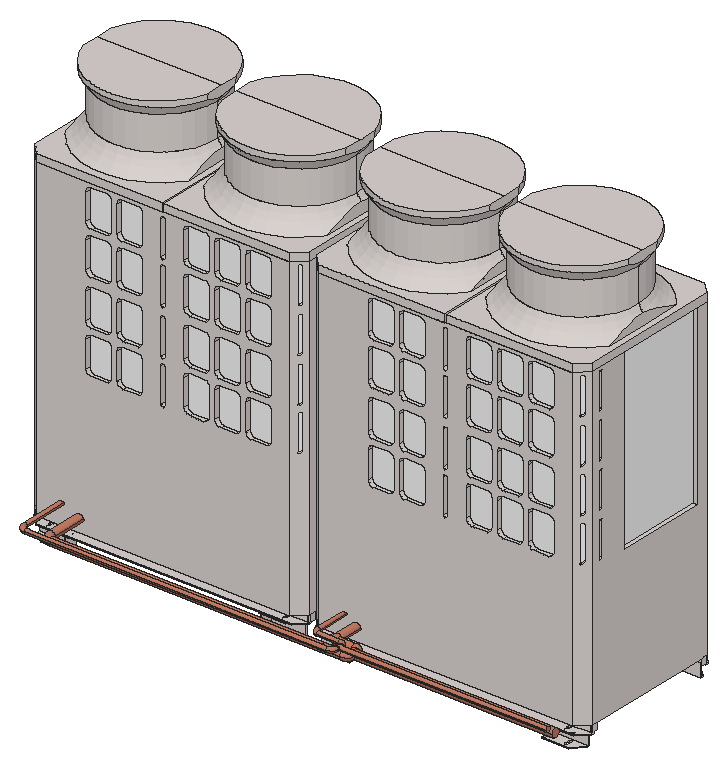
Revit family "PUHY-P800YSNW-A1", category Mechanical Equipment, Revit 2016 (continued)
Definition of nested family "PUHY-P350YNW-A1"
  Lines and regions (mm)
    model lines
      curve 51: line (-620, 215.7, 1521) -> (-620, 215.7, 705)
      curve 52: line (-620, 235.7, 705) -> (-620, -162.3, 705)
      curve 53: line (-620, 176.7, 268) -> (-620, -103.3, 268)
      curve 54: line (-620, -103.3, 248) -> (-620, 176.7, 248)
      curve 55: arc (-620, 186.7, 258) -> (-620, 183.771, 265.071) -> (-620, 176.7, 268) r 10
      curve 56: arc (-620, 176.7, 248) -> (-620, 183.771, 250.929) -> (-620, 186.7, 258) r 10
      curve 57: arc (-620, -103.3, 268) -> (-620, -110.371, 265.071) -> (-620, -113.3, 258) r 10
      curve 58: arc (-620, -113.3, 258) -> (-620, -110.371, 250.929) -> (-620, -103.3, 248) r 10
      curve 59: line (-620, 176.7, 373) -> (-620, -103.3, 373)
      curve 60: line (-620, -103.3, 353) -> (-620, 176.7, 353)
      curve 61: arc (-620, 186.7, 363) -> (-620, 183.771, 370.071) -> (-620, 176.7, 373) r 10
      curve 62: arc (-620, 176.7, 353) -> (-620, 183.771, 355.929) -> (-620, 186.7, 363) r 10
      curve 63: arc (-620, -103.3, 373) -> (-620, -110.371, 370.071) -> (-620, -113.3, 363) r 10
      curve 64: arc (-620, -113.3, 363) -> (-620, -110.371, 355.929) -> (-620, -103.3, 353) r 10
      curve 65: line (-620, 176.7, 478) -> (-620, -103.3, 478)
      curve 66: line (-620, -103.3, 458) -> (-620, 176.7, 458)
      curve 67: arc (-620, 186.7, 468) -> (-620, 183.771, 475.071) -> (-620, 176.7, 478) r 10
      curve 68: arc (-620, 176.7, 458) -> (-620, 183.771, 460.929) -> (-620, 186.7, 468) r 10
      curve 69: arc (-620, -103.3, 478) -> (-620, -110.371, 475.071) -> (-620, -113.3, 468) r 10
      curve 70: arc (-620, -113.3, 468) -> (-620, -110.371, 460.929) -> (-620, -103.3, 458) r 10
      curve 71: line (-620, 176.7, 583) -> (-620, -103.3, 583)
      curve 72: line (-620, -103.3, 563) -> (-620, 176.7, 563)
      curve 73: arc (-620, 186.7, 573) -> (-620, 183.771, 580.071) -> (-620, 176.7, 583) r 10
      curve 74: arc (-620, 176.7, 563) -> (-620, 183.771, 565.929) -> (-620, 186.7, 573) r 10
      curve 75: arc (-620, -103.3, 583) -> (-620, -110.371, 580.071) -> (-620, -113.3, 573) r 10
      curve 76: arc (-620, -113.3, 573) -> (-620, -110.371, 565.929) -> (-620, -103.3, 563) r 10
      curve 77: line (-544, 370, 1521) -> (-544, 370, 95)
      curve 78: line (489, 370, 649) -> (30, 370, 649)
      curve 79: line (-30.5, 370, 649) -> (-544, 370, 649)
      curve 80: line (-147.25, 370, 584) -> (-427.25, 370, 584)
      curve 81: line (-427.25, 370, 564) -> (-147.25, 370, 564)
      curve 82: arc (-137.25, 370, 574) -> (-140.179, 370, 581.071) -> (-147.25, 370, 584) r 10
      curve 83: arc (-147.25, 370, 564) -> (-140.179, 370, 566.929) -> (-137.25, 370, 574) r 10
      curve 84: arc (-427.25, 370, 584) -> (-434.321, 370, 581.071) -> (-437.25, 370, 574) r 10
      curve 85: arc (-437.25, 370, 574) -> (-434.321, 370, 566.929) -> (-427.25, 370, 564) r 10
      curve 86: circle (448, -185, 1521) r 15 normal (0, 0, 1)
      curve 87: circle (468, -185, 95) r 26 normal (0, 0, 1)
      curve 88: circle (448, -260, 95) r 32.5 normal (0, 0, 1)
      curve 89: circle (404, -204, 95) r 17 normal (0, 0, 1)
      curve 90: line (-550, -370, 1521) -> (-550, -370, 95)
      curve 91: line (-550, -370, 716) -> (-30, -370, 716)
      curve 92: line (550, -370, 95) -> (550, -370, 1521)
      curve 93: line (30, -370, 716) -> (550, -370, 716)
      curve 94: line (-30.5, 370, 1521) -> (-30.5, 370, 95)
      curve 95: line (30, 370, 1521) -> (30, 370, 95)
      curve 96: line (489, 370, 1521) -> (489, 370, 95)
      curve 97: line (467, 370, 669) -> (467, 370, 649)
      curve 98: line (-352, -370, 223) -> (-550, -370, 223)
      curve 99: line (-342, -370, 213) -> (-342, -370, 95)
      curve 100: arc (-342, -370, 213) -> (-344.929, -370, 220.071) -> (-352, -370, 223) r 10
      curve 101: circle (488, -370, 160) r 32.5 normal (0, -1, 0)
      curve 102: circle (488, -370, 160) r 20 normal (0, -1, 0)
      curve 103: circle (364, -370, 150) r 17 normal (0, -1, 0)
      curve 104: circle (413, -370, 185) r 26 normal (0, -1, 0)
      curve 105: circle (413, -370, 185) r 13.5 normal (0, -1, 0)
      curve 106: line (352, -370, 223) -> (550, -370, 223)
      curve 107: line (342, -370, 213) -> (342, -370, 95)
      curve 108: arc (342, -370, 213) -> (344.929, -370, 220.071) -> (352, -370, 223) r 10
      curve 109: line (-147.25, 370, 479) -> (-427.25, 370, 479)
      curve 110: line (-427.25, 370, 459) -> (-147.25, 370, 459)
      curve 111: arc (-137.25, 370, 469) -> (-140.179, 370, 476.071) -> (-147.25, 370, 479) r 10
      curve 112: arc (-147.25, 370, 459) -> (-140.179, 370, 461.929) -> (-137.25, 370, 469) r 10
      curve 113: arc (-427.25, 370, 479) -> (-434.321, 370, 476.071) -> (-437.25, 370, 469) r 10
      curve 114: arc (-437.25, 370, 469) -> (-434.321, 370, 461.929) -> (-427.25, 370, 459) r 10
      curve 115: line (-147.25, 370, 374) -> (-427.25, 370, 374)
      curve 116: line (-427.25, 370, 354) -> (-147.25, 370, 354)
      curve 117: arc (-137.25, 370, 364) -> (-140.179, 370, 371.071) -> (-147.25, 370, 374) r 10
      curve 118: arc (-147.25, 370, 354) -> (-140.179, 370, 356.929) -> (-137.25, 370, 364) r 10
      curve 119: arc (-427.25, 370, 374) -> (-434.321, 370, 371.071) -> (-437.25, 370, 364) r 10
      curve 120: arc (-437.25, 370, 364) -> (-434.321, 370, 356.929) -> (-427.25, 370, 354) r 10
      curve 121: line (-147.25, 370, 269) -> (-427.25, 370, 269)
      curve 122: line (-427.25, 370, 249) -> (-147.25, 370, 249)
      curve 123: arc (-137.25, 370, 259) -> (-140.179, 370, 266.071) -> (-147.25, 370, 269) r 10
      curve 124: arc (-147.25, 370, 249) -> (-140.179, 370, 251.929) -> (-137.25, 370, 259) r 10
      curve 125: arc (-427.25, 370, 269) -> (-434.321, 370, 266.071) -> (-437.25, 370, 259) r 10
      curve 126: arc (-437.25, 370, 259) -> (-434.321, 370, 251.929) -> (-427.25, 370, 249) r 10
      curve 127: line (399.5, 370, 584) -> (119.5, 370, 584)
      curve 128: line (119.5, 370, 564) -> (399.5, 370, 564)
      curve 129: arc (409.5, 370, 574) -> (406.571, 370, 581.071) -> (399.5, 370, 584) r 10
      curve 130: arc (399.5, 370, 564) -> (406.571, 370, 566.929) -> (409.5, 370, 574) r 10
      curve 131: arc (119.5, 370, 584) -> (112.429, 370, 581.071) -> (109.5, 370, 574) r 10
      curve 132: arc (109.5, 370, 574) -> (112.429, 370, 566.929) -> (119.5, 370, 564) r 10
      curve 133: line (399.5, 370, 479) -> (119.5, 370, 479)
      curve 134: line (119.5, 370, 459) -> (399.5, 370, 459)
      curve 135: arc (409.5, 370, 469) -> (406.571, 370, 476.071) -> (399.5, 370, 479) r 10
      curve 136: arc (399.5, 370, 459) -> (406.571, 370, 461.929) -> (409.5, 370, 469) r 10
      curve 137: arc (119.5, 370, 479) -> (112.429, 370, 476.071) -> (109.5, 370, 469) r 10
      curve 138: arc (109.5, 370, 469) -> (112.429, 370, 461.929) -> (119.5, 370, 459) r 10
      curve 139: line (399.5, 370, 374) -> (119.5, 370, 374)
      curve 140: line (119.5, 370, 354) -> (399.5, 370, 354)
      curve 141: arc (409.5, 370, 364) -> (406.571, 370, 371.071) -> (399.5, 370, 374) r 10
      curve 142: arc (399.5, 370, 354) -> (406.571, 370, 356.929) -> (409.5, 370, 364) r 10
      curve 143: arc (119.5, 370, 374) -> (112.429, 370, 371.071) -> (109.5, 370, 364) r 10
      curve 144: arc (109.5, 370, 364) -> (112.429, 370, 356.929) -> (119.5, 370, 354) r 10
      curve 145: line (399.5, 370, 269) -> (119.5, 370, 269)
      curve 146: line (119.5, 370, 249) -> (399.5, 370, 249)
      curve 147: arc (409.5, 370, 259) -> (406.571, 370, 266.071) -> (399.5, 370, 269) r 10
      curve 148: arc (399.5, 370, 249) -> (406.571, 370, 251.929) -> (409.5, 370, 259) r 10
      curve 149: arc (119.5, 370, 269) -> (112.429, 370, 266.071) -> (109.5, 370, 259) r 10
      curve 150: arc (109.5, 370, 259) -> (112.429, 370, 251.929) -> (119.5, 370, 249) r 10
      curve 151: line (399.5, -370, 584) -> (119.5, -370, 584)
      curve 152: line (119.5, -370, 564) -> (399.5, -370, 564)
      curve 153: arc (409.5, -370, 574) -> (406.571, -370, 581.071) -> (399.5, -370, 584) r 10
      curve 154: arc (399.5, -370, 564) -> (406.571, -370, 566.929) -> (409.5, -370, 574) r 10
      curve 155: arc (119.5, -370, 584) -> (112.429, -370, 581.071) -> (109.5, -370, 574) r 10
      curve 156: arc (109.5, -370, 574) -> (112.429, -370, 566.929) -> (119.5, -370, 564) r 10
      curve 157: line (399.5, -370, 479) -> (119.5, -370, 479)
      curve 158: line (119.5, -370, 459) -> (399.5, -370, 459)
      curve 159: arc (409.5, -370, 469) -> (406.571, -370, 476.071) -> (399.5, -370, 479) r 10
      curve 160: arc (399.5, -370, 459) -> (406.571, -370, 461.929) -> (409.5, -370, 469) r 10
      curve 161: arc (119.5, -370, 479) -> (112.429, -370, 476.071) -> (109.5, -370, 469) r 10
      curve 162: arc (109.5, -370, 469) -> (112.429, -370, 461.929) -> (119.5, -370, 459) r 10
      curve 163: line (399.5, -370, 374) -> (119.5, -370, 374)
      curve 164: line (119.5, -370, 354) -> (399.5, -370, 354)
      curve 165: arc (409.5, -370, 364) -> (406.571, -370, 371.071) -> (399.5, -370, 374) r 10
      curve 166: arc (399.5, -370, 354) -> (406.571, -370, 356.929) -> (409.5, -370, 364) r 10
      curve 167: arc (119.5, -370, 374) -> (112.429, -370, 371.071) -> (109.5, -370, 364) r 10
      curve 168: arc (109.5, -370, 364) -> (112.429, -370, 356.929) -> (119.5, -370, 354) r 10
      curve 169: arc (119.5, -370, 269) -> (112.429, -370, 266.071) -> (109.5, -370, 259) r 10
      curve 170: arc (109.5, -370, 259) -> (112.429, -370, 251.929) -> (119.5, -370, 249) r 10
      curve 171: line (-147.25, -370, 584) -> (-427.25, -370, 584)
      curve 172: line (-427.25, -370, 564) -> (-147.25, -370, 564)
      curve 173: arc (-137.25, -370, 574) -> (-140.179, -370, 581.071) -> (-147.25, -370, 584) r 10
      curve 174: arc (-147.25, -370, 564) -> (-140.179, -370, 566.929) -> (-137.25, -370, 574) r 10
      curve 175: arc (-427.25, -370, 584) -> (-434.321, -370, 581.071) -> (-437.25, -370, 574) r 10
      curve 176: arc (-437.25, -370, 574) -> (-434.321, -370, 566.929) -> (-427.25, -370, 564) r 10
      curve 177: line (-147.25, -370, 479) -> (-427.25, -370, 479)
      curve 178: line (-427.25, -370, 459) -> (-147.25, -370, 459)
      curve 179: arc (-137.25, -370, 469) -> (-140.179, -370, 476.071) -> (-147.25, -370, 479) r 10
      curve 180: arc (-147.25, -370, 459) -> (-140.179, -370, 461.929) -> (-137.25, -370, 469) r 10
      curve 181: arc (-427.25, -370, 479) -> (-434.321, -370, 476.071) -> (-437.25, -370, 469) r 10
      curve 182: arc (-437.25, -370, 469) -> (-434.321, -370, 461.929) -> (-427.25, -370, 459) r 10
      curve 183: line (-147.25, -370, 374) -> (-427.25, -370, 374)
      curve 184: line (-427.25, -370, 354) -> (-147.25, -370, 354)
      curve 185: arc (-137.25, -370, 364) -> (-140.179, -370, 371.071) -> (-147.25, -370, 374) r 10
      curve 186: arc (-147.25, -370, 354) -> (-140.179, -370, 356.929) -> (-137.25, -370, 364) r 10
      curve 187: arc (-427.25, -370, 374) -> (-434.321, -370, 371.071) -> (-437.25, -370, 364) r 10
      curve 188: arc (-437.25, -370, 364) -> (-434.321, -370, 356.929) -> (-427.25, -370, 354) r 10
      curve 189: line (-147.25, -370, 269) -> (-262.25, -370, 269)
      curve 190: line (-262.25, -370, 249) -> (-147.25, -370, 249)
      curve 191: arc (-137.25, -370, 259) -> (-140.179, -370, 266.071) -> (-147.25, -370, 269) r 10
      curve 192: arc (-147.25, -370, 249) -> (-140.179, -370, 251.929) -> (-137.25, -370, 259) r 10
      curve 193: arc (-262.25, -370, 269) -> (-269.321, -370, 266.071) -> (-272.25, -370, 259) r 10
      curve 194: arc (-272.25, -370, 259) -> (-269.321, -370, 251.929) -> (-262.25, -370, 249) r 10
      curve 195: line (234.5, -370, 269) -> (119.5, -370, 269)
      curve 196: line (119.5, -370, 249) -> (234.5, -370, 249)
      curve 197: arc (244.5, -370, 259) -> (241.571, -370, 266.071) -> (234.5, -370, 269) r 10
      curve 198: arc (234.5, -370, 249) -> (241.571, -370, 251.929) -> (244.5, -370, 259) r 10
  Dimensions and locks
    nested 2 to nested 2 = 303.000 mm
    cut or joined group 1 (Extrusion 1, Extrusion 2, Extrusion 3, Extrusion 4, Extrusion 5, Extrusion 6, Extrusion 7, Extrusion 8, Extrusion 9, Extrusion 10, Extrusion 11, Extrusion 12, Extrusion 13, Extrusion 14, Extrusion 15, Extrusion 16, Extrusion 17, Extrusion 18, Extrusion 19, Extrusion 20, Extrusion 21, Extrusion 22, Extrusion 23, Extrusion 24, Extrusion 25, Extrusion 26, Extrusion 27, Extrusion 28, Extrusion 29, Extrusion 30, Extrusion 31, Extrusion 32, Extrusion 33) to cut or joined group 1 = 1240.000 mm
    Extrusion 2 sketch curve to Extrusion 2 sketch curve = 116.800 mm
    Extrusion 2 sketch curve to Extrusion 2 sketch curve = 170.800 mm
    Extrusion 3 sketch curve to Extrusion 3 sketch curve = 116.800 mm
    Extrusion 3 sketch curve to Extrusion 3 sketch curve = 170.800 mm
    Extrusion 4 sketch curve to Extrusion 4 sketch curve = 116.800 mm
    Extrusion 4 sketch curve to Extrusion 4 sketch curve = 170.800 mm
    Extrusion 5 sketch curve to Extrusion 5 sketch curve = 116.800 mm
    Extrusion 5 sketch curve to Extrusion 5 sketch curve = 170.800 mm
    Extrusion 6 sketch curve to Extrusion 6 sketch curve = 116.800 mm
    Extrusion 6 sketch curve to Extrusion 6 sketch curve = 170.800 mm
    Extrusion 7 sketch curve to Extrusion 7 sketch curve = 116.800 mm
    Extrusion 7 sketch curve to Extrusion 7 sketch curve = 170.800 mm
    Extrusion 8 sketch curve to Extrusion 8 sketch curve = 116.800 mm
    Extrusion 8 sketch curve to Extrusion 8 sketch curve = 170.800 mm
    Extrusion 9 sketch curve to Extrusion 9 sketch curve = 116.800 mm
    Extrusion 9 sketch curve to Extrusion 9 sketch curve = 170.800 mm
    cut or joined group 1 to cut or joined group 1 = 50.000 mm  (x2)
    Extrusion 10 sketch curve to Extrusion 10 sketch curve = 116.800 mm
    Extrusion 10 sketch curve to Extrusion 10 sketch curve = 170.800 mm
    Extrusion 11 sketch curve to Extrusion 11 sketch curve = 116.800 mm
    Extrusion 11 sketch curve to Extrusion 11 sketch curve = 170.800 mm
    Extrusion 12 sketch curve to Extrusion 12 sketch curve = 116.800 mm
    Extrusion 12 sketch curve to Extrusion 12 sketch curve = 170.800 mm
    Extrusion 13 sketch curve to Extrusion 13 sketch curve = 116.800 mm
    Extrusion 13 sketch curve to Extrusion 13 sketch curve = 170.800 mm
    Extrusion 14 sketch curve to Extrusion 14 sketch curve = 116.800 mm
    Extrusion 14 sketch curve to Extrusion 14 sketch curve = 170.800 mm
    Extrusion 15 sketch curve to Extrusion 15 sketch curve = 116.800 mm
    Extrusion 15 sketch curve to Extrusion 15 sketch curve = 170.800 mm
    Extrusion 16 sketch curve to Extrusion 16 sketch curve = 116.800 mm
    Extrusion 16 sketch curve to Extrusion 16 sketch curve = 170.800 mm
    Extrusion 17 sketch curve to Extrusion 17 sketch curve = 116.800 mm
    Extrusion 17 sketch curve to Extrusion 17 sketch curve = 170.800 mm
    Extrusion 18 sketch curve to Extrusion 18 sketch curve = 116.800 mm
    Extrusion 18 sketch curve to Extrusion 18 sketch curve = 170.800 mm
    Extrusion 19 sketch curve to Extrusion 19 sketch curve = 116.800 mm
    Extrusion 19 sketch curve to Extrusion 19 sketch curve = 170.800 mm
    Extrusion 20 sketch curve to Extrusion 20 sketch curve = 116.800 mm
    Extrusion 20 sketch curve to Extrusion 20 sketch curve = 170.800 mm
    Extrusion 21 sketch curve to Extrusion 21 sketch curve = 116.800 mm
    Extrusion 21 sketch curve to Extrusion 21 sketch curve = 170.800 mm
    plane 3 "Center (Left/Right)" to cut or joined group 1 = 620.000 mm
    cut or joined group 1 to plane 3 "Center (Left/Right)" = 620.000 mm
    Extrusion 1 sketch curve to Extrusion 1 sketch curve = 1240.000 mm
    cut or joined group 1 to plane 8 = 185.000 mm
    cut or joined group 1 to plane 7 = 166.000 mm
    cut or joined group 1 to plane 6 = 110.000 mm
    cut or joined group 1 to plane 12 to cut or joined group 1 = 805.000 mm, 621.000 mm
    plane 5 to plane 2 = 1858.000 mm  (x2)
    cut or joined group 1 to plane 19 "132" = 132.000 mm
    cut or joined group 1 to plane 22 = 207.000 mm
    cut or joined group 1 to plane 23 = 256.000 mm
    cut or joined group 1 to plane 6 = 60.000 mm
    cut or joined group 1 to cut or joined group 1 = 42.154 mm
    cut or joined group 1 to cut or joined group 1 = 11.895 mm
    nested 1 to nested 3 to level = 1798.000 mm, 60.000 mm
    nested 1 to nested 1 = 303.000 mm
    nested 1 to nested 3 = 1495.000 mm
    nested 8 to nested 8 to nested 8 to nested 7 to nested 7 to nested 7 = 54.000 mm, 20.000 mm, 592.000 mm, 20.000 mm, 54.000 mm
    nested 3 to nested 3 = 56.000 mm
    plane 11 to plane 31 to plane 32 to cut or joined group 1 = 90.000 mm, 1060.000 mm, 90.000 mm
    curve 103 to nested 7 = 90.000 mm
    curve 104 to nested 7 = 125.000 mm
    curve 101 to nested 7 = 100.000 mm
    curve 11 to curve 13 to nested 7 = 84.000 mm, 71.000 mm
    cut or joined group 1 to curve 12 to curve 14 = 125.000 mm, 148.000 mm
    nested 2 to nested 7 = 1495.000 mm
    curve 87 to cut or joined group 1 = 152.000 mm
    curve 88 to cut or joined group 1 = 172.000 mm
    curve 89 to cut or joined group 1 = 216.000 mm
    cut or joined group 1 to curve 4 to curve 2 = 128.000 mm, 150.000 mm
    cut or joined group 1 to curve 1 to curve 3 = 79.000 mm, 94.000 mm
    Extrusion 32 sketch curve to nested 7 = 116.000 mm
    cut or joined group 1 to Extrusion 32 sketch curve = 160.000 mm
    cut or joined group 1 to Extrusion 33 sketch curve = 243.000 mm
    Extrusion 33 sketch curve to nested 7 = 116.000 mm
    cut or joined group 1 to cut or joined group 1 = 740.000 mm
    plane 30 to plane 4 = 740.000 mm
    aligned and locked: level to plane 2
    aligned and locked: Extrusion 1 to plane 4
  Nested families
    nested 1: "FAN GUARD" at (-311.5, 2, 860), type "FAN GUARD"
      with WIDTH 870.000 mm
    nested 2: "FAN GUARD" at (311.5, 2, 860) x (-1, 0, 0) z (0, 0, 1), type "FAN GUARD"
      with WIDTH 870.000 mm
    nested 3: "ATTACHMENT LEG" at (-524, -349, 0), type "ATTACHMENT LEG"
    nested 4: "ATTACHMENT LEG" at (-524, 349, 0), type "ATTACHMENT LEG"
    nested 5: "ATTACHMENT LEG" at (524, -349, 0) x (-1, 0, 0) z (0, 0, 1), type "ATTACHMENT LEG"
    nested 6: "ATTACHMENT LEG" at (524, 349, 0) x (-1, 0, 0) z (0, 0, 1), type "ATTACHMENT LEG"
    nested 7: "BASE LEG_L_" at (0, -352, 60), type "BASE LEG_L_"
      with Width 1240.000 mm
    nested 8: "BASE LEG_L_" at (0, 352, 60), type "BASE LEG_L_"
      with Width 1240.000 mm
  Connectors
    piping at (-460, -191, 176), diameter 25.4, driven by "Liquid pipe_radius"
      settings: on cut or joined group 1, index 3, connector inside diameter 25.4 mm, connector length 0.000 mm, flow factor 0, pipe flow 0.0 L/s, pressure drop 0.0 Pa, fitting loss kfactor 0, connector angle 0.00°, fixture units 0, engagement length 0.000 mm, angle of deflection 0.00°, flow configuration 0, flow direction 0, fitting loss method 0, system type 22, joint type 0, gender type 0, connector reference index -1, connector utility 0, adjustable connector no, is connector primary yes, connector description "Refrigerant service valve<Liquid pipe>"
    piping at (-377, -191, 176), diameter 28.58, driven by "Gas pipe_radius"
      settings: on cut or joined group 1, index 4, connector inside diameter 28.58 mm, connector length 0.000 mm, flow factor 0, pipe flow 0.0 L/s, pressure drop 0.0 Pa, fitting loss kfactor 0, connector angle 0.00°, fixture units 0, engagement length 0.000 mm, angle of deflection 0.00°, flow configuration 0, flow direction 0, fitting loss method 0, system type 22, joint type 0, gender type 0, connector reference index -1, connector utility 0, adjustable connector no, is connector primary no, connector description "Refrigerant service valve<Gas>"
    electrical at (0, -370, 808)
      settings: on cut or joined group 1, index 5, voltage 0 V, apparent load 0 VA, apparent load phase1 0 VA, apparent load phase2 0 VA, apparent load phase3 0 VA, power factor 1, load classification none, number of poles 1, system type 30, power factor state 1, is connector primary yes, connector utility no, sub classification motor no, connector description ""
  Definition of nested family "FAN GUARD"
    Parameters
      WIDTH [instance] = 870.000 mm
    Reference planes
      plane 1 "中心(正面/背面)": y = -2
      plane 2: z = 0
      plane 3 "ファンガード基準面": z = 661
      plane 4: y = 368
      plane 5: x = 366
      plane 6: x = -375
      plane 7 "ファンガード基準上面": z = 695
      plane 8 "ファンガード上面": z = 998
      plane 9: x = -273.971
      plane 10: x = 308.5
      plane 11: x = -308.5
      plane 12: x = 0
    Forms (mm)
      Extrusion 1, solid
        sketch origin (85, 0, 661) x (-1, 0, 0) y (0, -1, 0)
          loop
            line (343.5, -368) -> (393.5, -318) -> (393.5, 322) -> (343.5, 372) -> (-223.5, 372) -> (-223.5, -368) -> (343.5, -368)
        from 0 to 34
      Revolve 2, solid
        sketch origin (0, -2, 0) x (1, 0, 0) y (0, 0, 1)
          loop
            line (0, 695) -> (0, 998) -> (-290, 998) -> (-290, 972.327) -> (-260, 928.372) -> (-260, 777.384)
            arc (-260, 777.384) -> (-290.651, 730.137) -> (-334.665, 695) r 175.882
            line (-334.665, 695) -> (0, 695)
          axis (0, 998) -> (0, 695)
        angle from 0 to 360
      Extrusion 3, void
        sketch origin (-840, 75, 695) x (-1, 0, 0) y (0, -1, 0)
          loop
            line (-410, -165) -> (-410, 315) -> (-561.253, 315) -> (-561.253, -165) -> (-410, -165)
        from -35 to 430.592
      Extrusion 4, void
        sketch origin (840, 75, 695) x (1, 0, 0) y (0, 1, 0)
          loop
            line (-410, 165) -> (-561.253, 165) -> (-561.253, -315) -> (-410, -315) -> (-410, 165)
        from 0 to 430.592
    Cuts and joins
      Extrusion 3, Extrusion 4 cuts Revolve 2
      Extrusion 4 cuts Extrusion 1
    Lines and regions (mm)
      model lines
        curve 1: line (-278.747, 0, 998) -> (-80, 0, 998)
        curve 2: line (80, 0, 998) -> (278.747, 0, 998)
        curve 3: circle (0, 0, 998) r 80 normal (0, 0, 1)
        curve 4: line (-278.747, -80, 998) -> (278.747, -80, 998)
        curve 5: line (-241.868, -160, 998) -> (241.868, -160, 998)
        curve 6: line (-162.788, -240, 998) -> (162.788, -240, 998)
        curve 7: line (-278.747, 80, 998) -> (278.747, 80, 998)
        curve 8: line (-241.868, 160, 998) -> (240, 160, 998)
        curve 9: line (-160, 240, 998) -> (162.788, 240, 998)
        curve 10: line (0, 290, 998) -> (0, -290, 998)
        curve 11: line (-20, 289.31, 998) -> (-20, -289.31, 998)
        curve 12: line (-40, 287.228, 998) -> (-40, -287.228, 998)
        curve 13: line (-60, 283.725, 998) -> (-60, -283.725, 998)
        curve 14: line (-80, 278.747, 998) -> (-80, -278.747, 998)
        curve 15: line (20, 289.31, 998) -> (20, -289.31, 998)
        curve 16: line (40, 287.228, 998) -> (40, -287.228, 998)
        curve 17: line (60, 283.725, 998) -> (60, -283.725, 998)
        curve 18: line (80, 278.747, 998) -> (80, -278.747, 998)
        curve 19: line (100, 272.213, 998) -> (100, -272.213, 998)
        curve 20: line (120, 264.008, 998) -> (120, -264.008, 998)
        curve 21: line (140, 253.969, 998) -> (140, -253.969, 998)
        curve 22: line (160, 241.868, 998) -> (160, -243.132, 998)
        curve 23: line (180, 227.376, 998) -> (180, -227.624, 998)
        curve 24: line (200, 210, 998) -> (200, -210, 998)
        curve 25: line (220, 188.944, 998) -> (220, -188.944, 998)
        curve 26: line (240, 160, 998) -> (240, -162.788, 998)
        curve 27: line (260, 128.452, 998) -> (260, -128.452, 998)
        curve 28: line (-100, 272.213, 998) -> (-100, -272.213, 998)
        curve 29: line (-120, 264.008, 998) -> (-120, -264.008, 998)
        curve 30: line (-140, 253.969, 998) -> (-140, -253.969, 998)
        curve 31: line (-160, 240, 998) -> (-160, -241.868, 998)
        curve 32: line (-180, 227.376, 998) -> (-180, -227.376, 998)
        curve 33: line (-200, 210, 998) -> (-200, -210, 998)
        curve 34: line (-220, 188.944, 998) -> (-220, -188.944, 998)
        curve 35: line (-240, 162.788, 998) -> (-240, -162.788, 998)
        curve 36: line (-260, 128.452, 998) -> (-260, -128.452, 998)
        curve 37: line (10, 79.373, 998) -> (10, -79.373, 998)
        curve 38: line (-10, 79.373, 998) -> (-10, -79.373, 998)
        curve 39: line (30, 74.162, 998) -> (30, -74.162, 998)
        curve 40: line (50, 62.45, 998) -> (50, -62.45, 998)
        curve 41: line (70, 38.73, 998) -> (70, -38.73, 998)
        curve 42: line (-30, 74.162, 998) -> (-30, -74.162, 998)
        curve 43: line (-50, 62.45, 998) -> (-50, -62.45, 998)
        curve 44: line (-70, 38.73, 998) -> (-70, -38.73, 998)
    Dimensions and locks
      locked: plane 8 "ファンガード上面" to plane 7 "ファンガード基準上面" at 303
      plane 8 "ファンガード上面" to plane 3 "ファンガード基準面" = 337.000 mm
      Revolve 2 sketch curve to Revolve 2 sketch curve = 290.000 mm
      Extrusion 1 sketch curve to Extrusion 1 sketch curve = 740.000 mm
      equal spacing: Extrusion 1 sketch curve, plane 1 "中心(正面/背面)", Extrusion 1 sketch curve
      plane 6 to plane 5 = 741.000 mm
      Extrusion 1 sketch curve to Extrusion 1 sketch curve = 617.000 mm
      plane 11 to plane 10 = 617.000 mm
      cut or joined group of Extrusion 1, Extrusion 4 to cut or joined group of Extrusion 1, Extrusion 4 = 617.000 mm
      cut or joined group of Extrusion 1, Extrusion 4 to cut or joined group of Extrusion 1, Extrusion 4 = 740.000 mm
      aligned and locked: level to plane 2
      aligned and locked: plane 7 "ファンガード基準上面" to Extrusion 1
      aligned and locked: plane 3 "ファンガード基準面" to Extrusion 1
      aligned and locked: cut or joined group of Revolve 2, Extrusion 3, Extrusion 4 to plane 8 "ファンガード上面"
  Definition of nested family "ATTACHMENT LEG"
    Parameters
      Width = 145.000 mm
    Reference planes
      plane 1: z = 0
      plane 2 "中心(左/右)": x = -6
      plane 3: x = -52
      plane 4: x = 85
      plane 5: x = 93
      plane 6: y = -21
      plane 7: y = 27
      plane 8: x = -30
      plane 9: y = 39
      plane 10: z = 60
      plane 11: z = 57
      plane 12: z = 3
      plane 13: x = 82
      plane 14: y = 36
      plane 15: x = -75
      plane 16: y = 31
      plane 17 "幅": x = 93
      plane 18: y = 2.5
      plane 19: y = 21
      plane 20: y = -10
    Forms (mm)
      Extrusion 1, solid
        sketch origin (0, -1, 0) x (1, 0, 0) y (0, 1, 0)
          loop
            line (-75, 36) -> (-75, 27) -> (-28, -20) -> (93, -20) -> (93, 32) -> (85, 32) -> (85, 36) -> (-75, 36)
        from 0 to 60
      Extrusion 2, void
        sketch origin (0, -3, 0) x (1, 0, 0) y (0, 0, 1)
          loop
            line (-75, 57) -> (-75, 3) -> (82, 3) -> (82, 57) -> (-75, 57)
          loop
            line (93, 57) -> (85, 57) -> (85, 3) -> (93, 3) -> (93, 57)
        from -35 to 18
      Extrusion 3, void
        sketch origin (-6, 5.5, 0) x (1, 0, 0) y (0, 1, 0)
          loop
            arc (-7, -8.5) -> (0, -15.5) -> (7, -8.5) r 7
            line (7, -8.5) -> (7, 8.5)
            arc (7, 8.5) -> (0, 15.5) -> (-7, 8.5) r 7
            line (-7, 8.5) -> (-7, -8.5)
        from 0 to 60
    Cuts and joins
      Extrusion 2, Extrusion 3 cuts Extrusion 1
    Dimensions and locks
      locked: plane 3 to plane 4 at 137
      locked: plane 3 to plane 5 at 145
      plane 6 to plane 7 = 48.000 mm
      locked: plane 10 to level at 60
      Extrusion 3 sketch curve to plane 2 "中心(左/右)" = 7.000 mm
      locked: plane 15 to plane 2 "中心(左/右)" at 69
      locked: plane 15 to plane 8 at 45
      locked: plane 6 to plane 18 at 23.5
      cut or joined group of Extrusion 1, Extrusion 2, Extrusion 3 to cut or joined group of Extrusion 1, Extrusion 2, Extrusion 3 = 168.000 mm
      cut or joined group of Extrusion 1, Extrusion 2, Extrusion 3 to cut or joined group of Extrusion 1, Extrusion 2, Extrusion 3 = 56.000 mm  (x2)
      plane 14 to plane 6 = 57.000 mm
      aligned and locked: level to plane 1
      aligned and locked: Extrusion 1 sketch curve to plane 4
      aligned and locked: Extrusion 1 sketch curve to plane 5
      aligned: plane 8 to Extrusion 1 sketch curve
      aligned and locked: plane 10 to Extrusion 1
      aligned and locked: Extrusion 2 sketch curve to plane 11
      aligned: plane 3 to Extrusion 2 sketch curve
      aligned and locked: plane 12 to Extrusion 2 sketch curve
      aligned and locked: Extrusion 2 sketch curve to plane 13
      aligned and locked: plane 6 to Extrusion 2
      aligned and locked: plane 11 to Extrusion 2 sketch curve
      aligned and locked: plane 5 to Extrusion 2 sketch curve
      aligned and locked: Extrusion 2 sketch curve to plane 12
      aligned and locked: Extrusion 2 sketch curve to plane 4
      aligned and locked: plane 15 to Extrusion 1 sketch curve
      aligned and locked: Extrusion 2 sketch curve to cut or joined group of Extrusion 1, Extrusion 2, Extrusion 3
      aligned and locked: Extrusion 1 to plane 16
  Definition of nested family "BASE LEG_L_"
    Parameters
      Width [instance] = 1240.000 mm
    Reference planes
      plane 1 "中心(正面/背面)": y = 0
      plane 2: z = 0
      plane 3 "中心(左/右)": x = 0
      plane 4: x = 620
      plane 5: x = -620
      plane 6: x = -530
      plane 7: x = 530
      plane 8: y = -18
      plane 9: y = 39
      plane 10: z = 53
      plane 11: y = 42
      plane 12: y = 27
      plane 13: x = 575
      plane 14: x = -575
      plane 15: z = 8
      plane 16: y = 11.5
      plane 17: z = 35
    Forms (mm)
      Extrusion 1, solid
        sketch origin (0, 0, 0) x (0, 1, 0) y (0, 0, 1)
          loop
            line (-18, 0) -> (36, 0) -> (36, 32) -> (56, 32) -> (56, 35) -> (33, 35) -> (33, 3) -> (-18, 3) -> (-18, 0)
        from -620 to 620
      Extrusion 2, void
        sketch origin (0, 0, 0) x (1, 0, 0) y (0, 1, 0)
          loop
            line (575, -18) -> (620, -18) -> (620, 27) -> (575, -18)
          loop
            line (-575, -18) -> (-620, 27) -> (-620, -18) -> (-575, -18)
        from 0 to 250
      Extrusion 3, void
        sketch origin (0, 12.023, 0) x (1, 0, 0) y (0, 1, 0)
          loop
            arc (523, -2.971) -> (530, -9.971) -> (537, -2.971) r 7
            line (537, -2.971) -> (537, 3.023)
            arc (537, 3.023) -> (530, 10.023) -> (523, 3.023) r 7
            line (523, 3.023) -> (523, -2.971)
          loop
            line (-523, -2.971) -> (-523, 3.023)
            arc (-523, 3.023) -> (-530, 10.023) -> (-537, 3.023) r 7
            line (-537, 3.023) -> (-537, -2.971)
            arc (-537, -2.971) -> (-530, -9.971) -> (-523, -2.971) r 7
        from 0 to 250
      Extrusion 4, solid
        sketch origin (0, 0, -3) x (1, 0, 0) y (0, 0, 1)
          loop
            line (617, 8) -> (620, 8) -> (620, 35) -> (617, 35) -> (617, 8)
          loop
            line (-617, 8) -> (-617, 35) -> (-620, 35) -> (-620, 8) -> (-617, 8)
        from -36 to -56
      Extrusion 5, solid
        sketch origin (150, 352, 0) x (1, 0, 0) y (0, 1, 0)
          loop
            line (460, -319) -> (455, -319) -> (455, -320) -> (405, -370) -> (410, -370) -> (460, -320) -> (460, -319)
        from 3 to 35
      Extrusion 6, void
        sketch origin (560, -18, 0) x (0.707107, 0.707107, 0) y (0, 0, 1)
          loop
            line (70.711, 3) -> (-6.741, 39.767) -> (-6.741, 3) -> (70.711, 3)
        from -190.256 to 23.776
      Extrusion 7, solid
        sketch origin (-150, 352, 0) x (-1, 0, 0) y (0, -1, 0)
          loop
            line (460, 319) -> (460, 320) -> (410, 370) -> (405, 370) -> (455, 320) -> (455, 319) -> (460, 319)
        from 3 to 35
      Extrusion 8, void
        sketch origin (-560, -18, 0) x (0.707107, -0.707107, 0) y (0, 0, -1)
          loop
            line (-70.711, -3) -> (0, -35) -> (6.741, -35) -> (6.741, -3) -> (-70.711, -3)
        from -190.256 to 23.776
    Cuts and joins
      Extrusion 2, Extrusion 3 cuts Extrusion 1
      joined: Extrusion 1, Extrusion 4
      Extrusion 8 cuts Extrusion 7
      Extrusion 6 cuts Extrusion 5
    Dimensions and locks
      "Width": plane 5 to plane 4
      equal spacing: plane 5, plane 3 "中心(左/右)", plane 4
      locked: plane 5 to plane 6 at 90
      locked: plane 7 to plane 4 at 90
      locked: plane 8 to plane 9 at 57
      locked: plane 10 to level at 53
      locked: plane 9 to plane 11 at 3
      plane 8 to plane 12 = 45.000 mm
      locked: plane 13 to plane 4 at 45
      locked: plane 5 to plane 14 at 45
      equal spacing: Extrusion 3 sketch curve, plane 7, Extrusion 3 sketch curve
      equal spacing: Extrusion 3 sketch curve, plane 6, Extrusion 3 sketch curve
      locked: plane 10 to plane 15 at 45
      locked: cut or joined group of Extrusion 1, Extrusion 2, Extrusion 3, Extrusion 4 to Extrusion 4 sketch curve at 3  (x2)
      locked: plane 8 to plane 16 at 29.5
      plane 8 to plane 11 = 60.000 mm
      cut or joined group of Extrusion 1, Extrusion 2, Extrusion 3, Extrusion 4 to cut or joined group of Extrusion 1, Extrusion 2, Extrusion 3, Extrusion 4 = 35.000 mm
      aligned and locked: level to plane 2
      aligned and locked: plane 8 to Extrusion 1 sketch curve
      aligned and locked: plane 4 to Extrusion 1
      aligned and locked: Extrusion 1 to plane 5
      aligned and locked: Extrusion 2 sketch curve to plane 4
      aligned and locked: Extrusion 2 sketch curve to plane 8
      aligned and locked: plane 12 to Extrusion 2 sketch curve
      aligned and locked: plane 13 to Extrusion 2 sketch curve
      aligned and locked: plane 4 to Extrusion 4 sketch curve
      aligned and locked: plane 5 to Extrusion 4 sketch curve
      aligned and locked: cut or joined group of Extrusion 7, Extrusion 8 to cut or joined group of Extrusion 1, Extrusion 2, Extrusion 3, Extrusion 4
    Automatic sketch dimensions
      Extrusion 3 sketch curve to plane 1 "中心(正面/背面)" = 9.052 mm  (x2)
      Extrusion 3 sketch curve to plane 7 = 7.000 mm
      Extrusion 3 sketch curve to plane 1 "中心(正面/背面)" = 15.046 mm  (x2)
      Extrusion 3 sketch curve to plane 6 = 7.000 mm
      Extrusion 2 sketch curve to plane 5 = 0.000 mm
      plane 8 to Extrusion 2 sketch curve = 0.000 mm
      Extrusion 2 sketch curve to plane 14 = 0.000 mm
      plane 12 to Extrusion 2 sketch curve = 0.000 mm
      Extrusion 4 sketch curve to plane 10 = 21.000 mm
      plane 7 to Extrusion 5 sketch curve = 25.000 mm
      Extrusion 5 sketch curve to Extrusion 5 sketch curve = 5.000 mm  (x2)
      plane 7 to Extrusion 5 sketch curve = 75.000 mm
      plane 8 to Extrusion 5 sketch curve = 0.000 mm
      Extrusion 5 sketch curve to Extrusion 5 sketch curve = 50.000 mm
      Extrusion 5 sketch curve to Extrusion 5 sketch curve = 0.000 mm
      Extrusion 5 sketch curve to Extrusion 5 sketch curve = 1.000 mm
      Extrusion 6 sketch curve to Extrusion 5 = 0.000 mm  (x2)
      Extrusion 6 sketch curve to Extrusion 5 = 6.741 mm
      Extrusion 6 sketch curve to Extrusion 5 = 4.767 mm
      plane 6 to Extrusion 7 sketch curve = 25.000 mm
      Extrusion 7 sketch curve to Extrusion 7 sketch curve = 5.000 mm  (x2)
      Extrusion 7 sketch curve to Extrusion 7 sketch curve = 45.000 mm
      Extrusion 7 sketch curve to plane 8 = 0.000 mm
      Extrusion 7 sketch curve to Extrusion 7 sketch curve = 50.000 mm
      Extrusion 7 sketch curve to Extrusion 7 sketch curve = 0.000 mm
      Extrusion 7 sketch curve to Extrusion 7 sketch curve = 1.000 mm
      Extrusion 8 sketch curve to Extrusion 7 = 0.000 mm  (x2)
      Extrusion 7 to Extrusion 8 sketch curve = 0.000 mm  (x2)
      Extrusion 7 to Extrusion 8 sketch curve = 6.741 mm
      Extrusion 4 sketch curve to plane 17 = 3.000 mm
      Extrusion 4 sketch curve to plane 15 = 3.000 mm  (x2)
      Extrusion 1 sketch curve to plane 17 = 0.000 mm
      Extrusion 1 sketch curve to level = 0.000 mm
      level to Extrusion 1 sketch curve = 3.000 mm
      plane 9 to Extrusion 1 sketch curve = 6.000 mm
      plane 9 to Extrusion 1 sketch curve = 3.000 mm
      Extrusion 1 sketch curve to plane 17 = 3.000 mm
      Extrusion 1 sketch curve to plane 11 = 14.000 mm
Types (6, lengths in mm): name | Voltage | Hertz | Heating Rated Load Ampacity (A) | Heating Current Input (Nominal) (A) | Heating Current Input (A) | Cooling Rated Load Ampacity (A) | Cooling Current Input (A)
  PUHY-P800YSNW-A1_380V_50Hz | 380 V | 50 Hz | 41.9 | 35.4 | 41.9 | 44.4 | 44.4
  PUHY-P800YSNW-A1_380V_60Hz | 380 V | 60 Hz | 41.9 | 35.4 | 41.9 | 44.4 | 44.4
  PUHY-P800YSNW-A1_400V_50Hz | 400 V | 50 Hz | 39.8 | 33.6 | 39.8 | 42.1 | 42.1
  PUHY-P800YSNW-A1_400V_60Hz | 400 V | 60 Hz | 39.8 | 33.6 | 39.8 | 42.1 | 42.1
  PUHY-P800YSNW-A1_415V_50Hz | 415 V | 50 Hz | 38.4 | 32.4 | 38.4 | 40.6 | 40.6
  PUHY-P800YSNW-A1_415V_60Hz | 415 V | 60 Hz | 38.4 | 32.4 | 38.4 | 40.6 | 40.6
